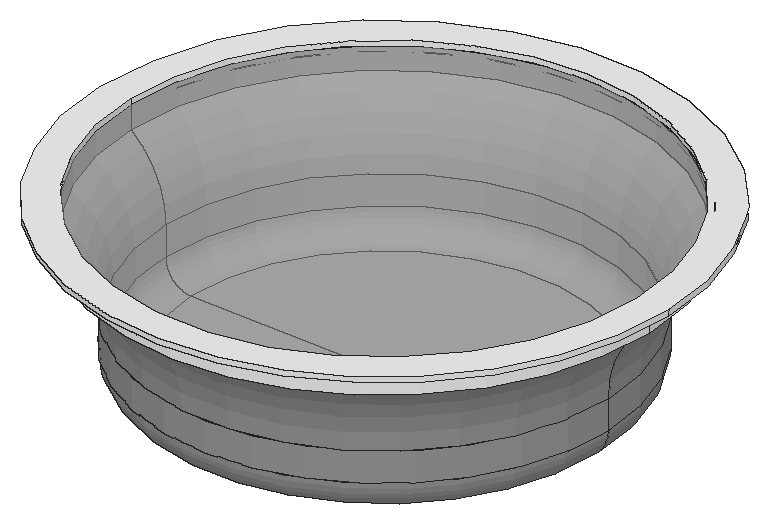
Revit family "3033943 Lighting Fixture_Sylvania_Insaver HO Topper LED II_Ceiling Recessed", category Lighting Fixtures, host Face, Revit 2017
Family settings
  Host = Face
  Round Connector Dimension = Use Diameter
  Part Type = Normal
  OmniClass Number = 23.80.70.11.17
  OmniClass Title = Specialized Lighting by Location or Use
  Cut with Voids When Loaded = No
  Light Source = Yes
  Shared = No
  Room Calculation Point = No
Parameters (values of type "Insaver HO Topper LED II 205 RO 21W NW")
  Weight = 0.6 kg
  Wattage = 23.4 W
  built-in parameter 1150110 = 1 (stored number, unit not read)
  Voltage Comments = "UNV (Universal Voltage; 220-240 Volt)"  # constant formula
  Voltage = 230 V  # constant formula
  URL = "http://www.sylvania-lighting.com"
  Ta Rating = "-10°C to +40°C"  # constant formula
  LOR = "100 %"
  Glow Wire Test = 650 °C  # constant formula
  Electrical Protection = "Class II"  # constant formula
  Distribution type = "Direct - Symmetrical"  # constant formula
  Accessory Marerial = Metallic Paint_Sylvania_Insaver HO Topper LED_White_RAL 9003
  built-in parameter 1114217 = 1 (stored number, unit not read)
  Tilt Angle = -90°
  built-in parameter 1150109 = 1 (stored number, unit not read)
  built-in parameter 1150134 = 12
  built-in parameter 1150113 = 1 (stored number, unit not read)
  Product Page URL = "http://www.sylvania-lighting.com/product/en-int/products/3033943"
  Product Family = "INSAVER HO TOPPER LED II"  # constant formula
  Photometry Comments = ""
  Photometric Web File = "3033943_InsaverHOTopperLEDII205RO21WNW-194846.ies"
  Life = "50 000 h"  # constant formula
  Inner Radius = Inner Diameter / 2  # 100.0 mm
  IP Rating = "IP44"  # constant formula
  IK Rating = "IK07"  # constant formula
  Emit from Circle Diameter = Diffuser Diameter  # 196.0 mm
  Drive Current = "450 mA"
  Accessory Diameter = Diameter + 15.0 mm  # 220.0 mm
  Inner Diameter = Diameter - 5.0 mm  # 200.0 mm
  Diffuser Diameter = Diameter - 9.0 mm  # 196.0 mm
  Diameter = 205.0 mm
  Cutout Diameter = Diameter  # 205.0 mm
  CRI ( Ra ) = 80  # constant formula
  Body Material = Metallic Paint_Sylvania_Insaver HO Topper LED_White_RAL 9003
  Beam Angle = 74°  # constant formula
  Difuser Material = Polycarbonate_Sylvania_Insaver HO Topper LED_3000K
  Height = 60.0 mm
  built-in parameter 1114216 [instance] = 1 (stored number, unit not read)
  Model = "Insaver HO Topper LED II 205 RO 21W NW"
  Manufacturer = "Feilo Sylvania"  # constant formula
  built-in parameter 1150105 = 1131.4 (stored number, unit not read)
  Lumens = 1989 lm
  built-in parameter 1150115 = 1 (stored number, unit not read)
  built-in parameter 1150137 = (empty or 0)
  built-in parameter 1150139 = (empty or 0)
  built-in parameter 1150112 = 1 (stored number, unit not read)
  built-in parameter 1150114 = 1 (stored number, unit not read)
  Lamp Comments = "Integrated LED"  # constant formula
  Lamp = "21W"
  built-in parameter 1150132 = 2
  built-in parameter 1150102 = (empty or 0)
  built-in parameter 1150107 = 4000 (stored number, unit not read)
  built-in parameter 1150138 = (empty or 0)
  built-in parameter 1150106 = 11.314 (stored number, unit not read)
  Reflector Material = Metal_Sylvania_Insaver HO Topper LED
  Emit Shape Visible in Rendering = yes
  built-in parameter 1150104 = 7.8968 (stored number, unit not read)
  Dimming Lamp Color Temperature Shift = <None>
  Description = "Insaver HO Topper LED II is available in 4 different round cut out sizes: 150mm, 175mm, 205mm & 220mm Insaver HO Topper LED II 150 12W delivers a 1,134 lumen output (4,000K) - perfect for 1x26W CFL replacement Insaver HO Topper LED II 175 15W delivers a 1,480 lumen output (4,000K) - perfect for 1x32W/2x18W CFL replacement Insaver HO Topper LED II 205 21W delivers a 1,989 lumen output (4,000K) - perfect for 1x42W CFL replacement Insaver HO Topper LED II 225 25W delivers a 2,289 lumen output (4,000K)- perfect for 2x26W CFL replacement High efficacy up to 99lm/W (Insaver HO Topper LED II 175 4,000K) IP44 rating allows for installation in applicable wet zone areas Choice of 3,000K (warm white) or 4,000K (neutral white) Shallow recess depth of <65mm Can replace existing large CFL downlights using a 225mm ceiling cut out (Insaver HO Topper LED II 225) Energy efficient electronic gear including analogue 1-10V and DALI dimmable options IK07 polycarbonate diffuser allows for a wider light distribution than a reflector downlight, allowing for increased spacings between luminaires 3 hour emergency pack available (to be ordered in addition to the luminaire) Ideal for applications such as corridors, public WCs and back of house areas Quick and easy to install Loop in-Loop out facility with red push fit terminal block for quick wiring White bezel (RAL 9003) Energy Class: A++, A+, A Long lifetime: 50,000 hours life at L70 (L80: 30,000 hours, L90: 15,000 hours)"  # constant formula
  Default Elevation = 0.0 mm
  Color Filter = 16777215
  Catalog Number = "3033943 Insaver HO Topper LED II 205 RO 21W NW"
  built-in parameter 1140040 [instance] = 1
  built-in parameter 1114218 = 1 (stored number, unit not read)
  built-in parameter 1150133 = 10 (stored number, unit not read)
  Assembly Code = "D5020200"
  Apparent Load Comments = ""
  Apparent Load = 21 VA
Reference planes
  plane 1 "Center (Front/Back)": y = 0
  plane 2: z = 0
  plane 3 "Center (Left/Right)": x = 0
  plane 4 "Fixture Bottom": z = 2
  plane 5 "Fixture Top": z = -60
  plane 6 "Brace Top": z = -8.5
  plane 7 "Fixture Left": x = -110
  plane 8 "Fixture Right": x = 110
  plane 9 "Cutout Right": x = 102.5
  plane 10 "Cutout Left": x = -102.5
  plane 11: z = -2
Forms (mm)
  Extrusion 1, void
    sketch origin (0, 0, 59) x (-1, 0, 0) y (0, -1, 0)
      loop
        circle (0, 0) r 102.5
    from -119 to -57
  Extrusion 2, solid, material "Metallic Paint_Sylvania_Insaver HO Topper LED_White_RAL 9003" <- "Accessory Marerial", detail levels fine
    sketch origin (0, 0, 59) x (-1, 0, 0) y (0, -1, 0)
      loop
        circle (0, 0) r 110
      loop
        circle (0, 0) r 98
    from -59 to -57
  Extrusion 3, solid, material "Metallic Paint_Sylvania_Insaver HO Topper LED_White_RAL 9003" <- "Accessory Marerial", detail levels fine
    sketch origin (0, 0, 0) x (1, 0, 0) y (0, 1, 0)
      loop
        circle (0, 0) r 102.5
      loop
        circle (0, 0) r 100
    from -8.5 to 0
  Extrusion 4, solid, material "Polycarbonate_Sylvania_Insaver HO Topper LED_3000K" <- "Difuser Material", detail levels fine
    sketch origin (0, 0, 59) x (-1, 0, 0) y (0, -1, 0)
      loop
        circle (0, 0) r 98
    from -61 to -59
  Revolve 5, solid, material "Metal_Sylvania_Insaver HO Topper LED" <- "Reflector Material", detail levels fine
    sketch origin (0, 0, 0) x (1, 0, 0) y (0, 0, 1)
      loop
        line (-98, 0) -> (-100, 0) -> (-100, -8.5)
        arc (-100, -8.5) -> (-90.139, -21.16) -> (-86.627, -36.82) r 36.673
        line (-86.627, -36.82) -> (-86.627, -48)
        arc (-86.627, -48) -> (-83.113, -56.485) -> (-74.627, -60) r 12
        line (-74.627, -60) -> (0, -60) -> (0, -58) -> (-74.627, -58)
        arc (-74.627, -58) -> (-81.698, -55.071) -> (-84.627, -48) r 10
        line (-84.627, -48) -> (-84.627, -36.82)
        arc (-84.627, -36.82) -> (-88.139, -21.16) -> (-98, -8.5) r 36.673
        line (-98, -8.5) -> (-98, 0)
      axis (0, -60) -> (0, 0)
    angle from 0 to 360
  Revolve 6, solid, material "Metallic Paint_Sylvania_Insaver HO Topper LED_White_RAL 9003" <- "Body Material", detail levels coarse+medium
    sketch origin (0, 0, 0) x (1, 0, 0) y (0, 0, 1)
      loop
        line (-86.627, -36.82) -> (-86.627, -48)
        arc (-86.627, -48) -> (-83.113, -56.485) -> (-74.627, -60) r 12
        line (-74.627, -60) -> (0, -60) -> (0, 2) -> (-110, 2) -> (-110, 0) -> (-102.5, 0) -> (-102.5, -8.5) -> (-100, -8.5)
        arc (-100, -8.5) -> (-90.139, -21.16) -> (-86.627, -36.82) r 36.673
      axis (0, -60) -> (0, 2)
    angle from 0 to 360
Cuts and joins
  joined: Extrusion 2, Extrusion 3
Dimensions and locks
  plane 4 "Fixture Bottom" to plane 2 to plane 6 "Brace Top" = 2.0 mm locked, 8.5 mm locked
  "Height": plane 2 to plane 5 "Fixture Top"
  equal spacing: plane 8 "Fixture Right", plane 3 "Center (Left/Right)", plane 7 "Fixture Left"
  "Accessory Diameter": plane 8 "Fixture Right" to plane 7 "Fixture Left"
  equal spacing: plane 9 "Cutout Right", plane 3 "Center (Left/Right)", plane 10 "Cutout Left"
  "Diameter": plane 9 "Cutout Right" to plane 10 "Cutout Left"
  locked: Revolve 6 sketch curve to Revolve 6 sketch curve at 23.373
  locked: Revolve 6 sketch curve to plane 5 "Fixture Top" at 12
  locked: Revolve 5 sketch curve to plane 7 "Fixture Left" at 23.373
  "Cutout Diameter": diameter of Extrusion 1 sketch curve
  "Accessory Diameter": diameter of Extrusion 2 sketch curve
  "Diffuser Diameter": diameter of Extrusion 2 sketch curve
  "Diameter": diameter of Extrusion 3 sketch curve
  "Inner Diameter": diameter of Extrusion 3 sketch curve
  "Diffuser Diameter": diameter of Extrusion 4 sketch curve
  aligned and locked: plane 2 to host face
  aligned and locked: level to host face
  aligned and locked: plane 1 "Center (Front/Back)" to imposter light
  aligned and locked: Extrusion 2 to plane 2
  aligned and locked: plane 4 "Fixture Bottom" to Extrusion 2
  aligned and locked: plane 2 to Extrusion 3
  aligned and locked: plane 4 "Fixture Bottom" to Extrusion 1
  aligned and locked: Extrusion 1 to plane 5 "Fixture Top"
  aligned and locked: plane 3 "Center (Left/Right)" to imposter light
  aligned and locked: imposter light to plane 4 "Fixture Bottom"
  aligned and locked: Extrusion 3 to plane 6 "Brace Top"
  aligned and locked: level to Extrusion 4
  aligned and locked: plane 11 to Extrusion 4
  aligned and locked: imposter light to Revolve 5 sketch curve  (x2)
  aligned and locked: Revolve 5 sketch curve to plane 2
  aligned and locked: plane 6 "Brace Top" to Revolve 5 sketch curve
  aligned and locked: Revolve 6 sketch curve to imposter light
  aligned and locked: plane 2 to Revolve 6 sketch curve
  aligned and locked: plane 6 "Brace Top" to Revolve 6 sketch curve
  aligned and locked: plane 7 "Fixture Left" to Revolve 6 sketch curve
  aligned and locked: plane 10 "Cutout Left" to Revolve 6 sketch curve
  aligned and locked: Revolve 6 sketch curve to plane 5 "Fixture Top"
  aligned and locked: Revolve 5 sketch curve to plane 5 "Fixture Top"
Automatic sketch dimensions
  host sketch curve to host sketch curve = 1596.918 mm
  host sketch curve to host sketch curve = 1559.52 mm
  Revolve 6 sketch curve to plane 3 "Center (Left/Right)" = 0.0 mm  (x2)
  Revolve 6 sketch curve to Revolve 6 sketch curve = 2.5 mm
  plane 5 "Fixture Top" to Revolve 6 sketch curve = 23.18 mm
  Revolve 6 sketch curve to plane 5 "Fixture Top" = 19.048 mm
  plane 4 "Fixture Bottom" to Revolve 6 sketch curve = 5.837 mm
  Revolve 5 sketch curve to Revolve 5 sketch curve = 0.0 mm  (x2)
  Revolve 5 sketch curve to plane 6 "Brace Top" = 0.0 mm
  plane 10 "Cutout Left" to Revolve 5 sketch curve = 2.5 mm
  plane 5 "Fixture Top" to Revolve 5 sketch curve = 2.0 mm
  Revolve 5 sketch curve to Revolve 5 sketch curve = 2.0 mm  (x2)
  Revolve 5 sketch curve to Revolve 5 sketch curve = 10.0 mm
  plane 5 "Fixture Top" to Revolve 5 sketch curve = 23.18 mm
  Revolve 5 sketch curve to plane 5 "Fixture Top" = 19.048 mm
  plane 4 "Fixture Bottom" to Revolve 5 sketch curve = 5.837 mm
  plane 1 "Center (Front/Back)" to Extrusion 1 sketch curve = 0.0 mm
  Extrusion 1 sketch curve to plane 3 "Center (Left/Right)" = 0.0 mm
  Extrusion 2 sketch curve to Extrusion 2 sketch curve = 0.0 mm  (x2)
  plane 1 "Center (Front/Back)" to Extrusion 2 sketch curve = 0.0 mm
  Extrusion 2 sketch curve to plane 3 "Center (Left/Right)" = 0.0 mm
  Extrusion 3 sketch curve to Extrusion 3 sketch curve = 0.0 mm  (x2)
  plane 1 "Center (Front/Back)" to Extrusion 3 sketch curve = 0.0 mm
  Extrusion 3 sketch curve to plane 3 "Center (Left/Right)" = 0.0 mm
  plane 1 "Center (Front/Back)" to Extrusion 4 sketch curve = 0.0 mm
  Extrusion 4 sketch curve to plane 3 "Center (Left/Right)" = 0.0 mm
Connectors
  electrical at (0, 0, -60), driven by "Voltage", driven by "Apparent Load"
    settings: index 1, voltage 230 V, apparent load 0 VA, apparent load phase1 21 VA, apparent load phase2 0 VA, apparent load phase3 0 VA, power factor 1, load classification "Lighting", number of poles 1, system type 31, power factor state 1, is connector primary yes, connector utility no, sub classification motor no, connector description ""
